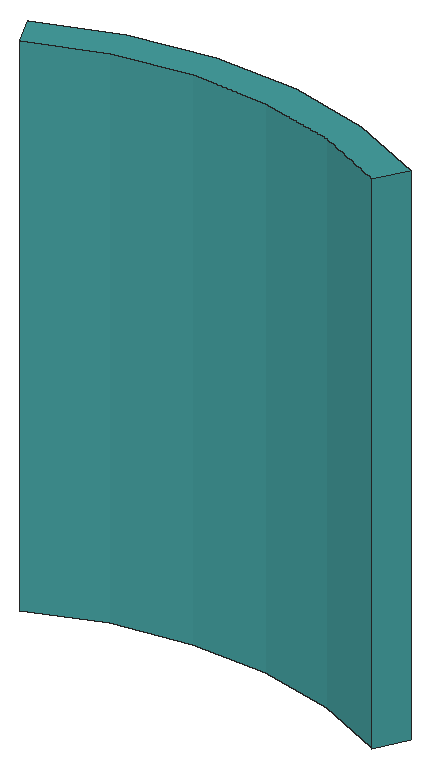
Revit family "EXP_WT-2_CPan-002", category Curtain Panels, Revit 2021
Family settings
  OmniClass Number = 23.25.20.14.11.11.17
  OmniClass Title = Infill Panels
  Always vertical = Yes
  Cut with Voids When Loaded = Yes
  Shared = No
Parameters (values of type "R = 10'  6"")
  UI-UnitNumber [instance] = "001"
  UI-Quadrant [instance] = "SE"
  UI-ProjectAbbreviation = "NEU"
  UI-ItemCategory = "PID"
  UI-FloorNumber [instance] = "03"
  PNT-WallType = "WT2"
  PNT-ProjectAbbreviation = "NEU"
  PNT-PanelType [instance] = "01"
  PNT-ItemCategory = "PNL"
  GlassH1 [instance] = IG-2C(Glass)
  Description = "Curve"
  Define Thermal Properties by = Schematic Type
  CellSp = 0' - 10 3/16"
  CellRayIN [instance] = CellRayEX - CellSp  # 9' - 7 13/16"
  CellRayEX = 10' - 6"
  CellLArch [instance] = 10' - 2.92782"
  CellH1 [instance] = CellH  # 13' - 1.48031"
  CellH [instance] = 13' - 1.48031"
  Analytic Construction = "<None>"
Reference planes (in)
  plane 1 "Center (Front/Back)": y = 0
  plane 2: z = 0
  plane 3 "Center (Left/Right)": x = 0
  plane 4 "Left": x = -59.05512
  plane 5 "Right": x = 59.05512
  plane 6 "Top": z = 157.48031
Forms (in)
  Extrusion 1, solid, material "IG-2C(Glass)" <- "GlassH1"
    sketch origin (0, 0, 0) x (1, 0, 0) y (0, 1, 0)
      loop
        line (-59.05512, 0) -> (-54.28032, -8.99925)
        arc (-54.28032, -8.99925) -> (0, 4.50889) -> (54.28032, -8.99925) r 115.8125
        line (54.28032, -8.99925) -> (59.05512, 0)
        arc (59.05512, 0) -> (0, 14.69639) -> (-59.05512, 0) r 126
    from 0 to 157.48031
Lines and regions (in)
  reference lines
    curve 1: line (59.05512, 0, 0) -> (0, -111.30361, 0)
    curve 2: line (-59.05512, 0, 0) -> (0, -111.30361, 0)
    curve 3: line (59.05512, 0, 0) -> (35.40606, 12.54764, 0)
    curve 4: line (-59.05512, 0, 0) -> (-33.31938, 13.65479, 0)
  model lines
    curve 5: arc (-59.05512, 0, 0) -> (0, 14.69639, 0) -> (59.05512, 0, 0) r 126
    curve 6: line (-59.05512, 0, 0) -> (-54.28032, -8.99925, 0)
    curve 7: line (59.05512, 0, 0) -> (54.28032, -8.99925, 0)
    curve 8: arc (54.28032, -8.99925, 0) -> (0, 4.50889, 0) -> (-54.28032, -8.99925, 0) r 115.8125
Text (in)
  text "Exterior" at (-92.59733, 55.75508, 0), in view "Ref. Level"
  text "Exterior" at (0, 90.18664, 173.49264), in view "Left"
  text "Exterior" at (0, 52.29083, 162.21847), in view "Right"
Dimensions and locks (in)
  equal spacing: plane 4 "Left", plane 3 "Center (Left/Right)", plane 5 "Right"
  "CellRayEX": curve 2 to curve 2
  "CellRayEX": curve 2 to curve 1
  "CellSp": curve 6 to curve 6
  "CellSp": curve 7 to curve 7
  "CellH": plane 2 to plane 6 "Top"
  "CellRayEX": radius of curve 5
  locked: curve 2 to curve 4 (angle 90.00°)
  locked: curve 3 to curve 1 (angle 90.00°)
  "CellLArch": arc length of Extrusion 1  (x2)
  aligned and locked: level to plane 2
  aligned and locked: curve 6 to curve 2
  aligned and locked: curve 7 to curve 1
  aligned and locked: Extrusion 1 sketch curve to curve 5
  aligned and locked: Extrusion 1 sketch curve to curve 8
  aligned and locked: Extrusion 1 sketch curve to curve 7
  aligned and locked: Extrusion 1 sketch curve to curve 6
  aligned and locked: Extrusion 1 to level
  aligned and locked: Extrusion 1 to plane 6 "Top"
Automatic sketch dimensions
  curve 5 to curve 8 = 0' - 0"
  plane 1 "Center (Front/Back)" to curve 5 = 0' - 0"
  curve 8 to plane 3 "Center (Left/Right)" = 0' - 0"
  plane 1 "Center (Front/Back)" to curve 4 = 0' - 0"
  curve 4 to plane 4 "Left" = 0' - 0"
  curve 2 to plane 3 "Center (Left/Right)" = 0' - 0"
  plane 1 "Center (Front/Back)" to curve 3 = 0' - 0"
